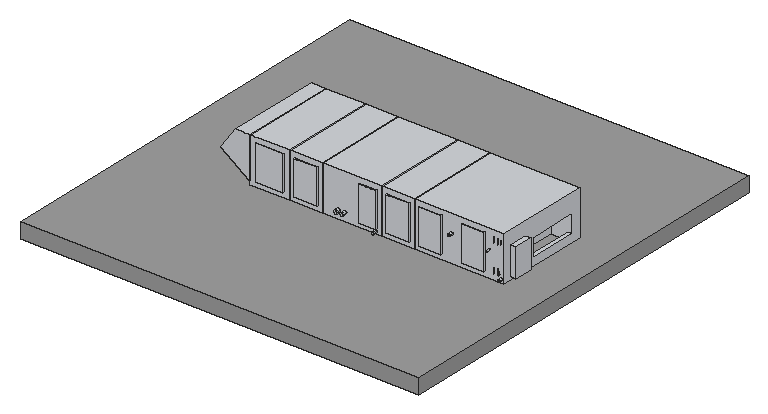
Revit family
Parameters (values of type "8 Row DX-R22")
  Wheel Size [instance] = ""
  Voltage = 480 V
  Unit Weight (lbs) = 3319  # constant formula
  URL = "http://www.appliedair.com"
  Total Static Pressure [instance] = 0.00 in-wg
  Total Heating Capacity [instance] = 0.0 Btu/h
  Total Cooling Capacity [instance] = 0.0 Btu/h
  Temperature Rise [instance] = 0 °F
  Supply Air Pressure Drop [instance] = 0.00 in-wg
  Supply Air Outlet Flow [instance] = 0 CFM
  Supply Air Inlet Flow [instance] = 0 CFM
  Series = "IFL"
  Return Coil Horizontal Offset = 1' - 1"  # constant formula
  Return Air Inlet Flow [instance] = 0 CFM
  Return Air Flow Height = 1' - 8"
  Refrigerant Type = "R22"
  Refrigerant Supply Pressure [instance] = 0.00 psi
  Refrigerant Supply Flow [instance] = 0 GPM
  Refrigerant Return Pressure [instance] = 0.00 psi
  Refrigerant Return Flow [instance] = 0 GPM
  Product URL = "http://www.appliedair.com/ifl.asp"
  Power Vertical Offset = 1' - 2 1/4"
  Power Horizontal Offset = 2' - 6"
  Power Connection Radius = 0' - 0 3/4"
  Phase = 3
  Output Heat [instance] = 0.0 Btu/h
  OmniClass = "23-75 10 24 21 27 17"
  Number of Rows = 8
  Number of Poles = 3
  Nominal Width = 6' - 4"  # constant formula
  Nominal Length = 18' - 11 5/16"  # constant formula
  Nominal Height = 3' - 0"  # constant formula
  Motor Horsepower (HP) [instance] = 0
  Motor Brake Horsepower (BHP) [instance] = 0
  Motor Amps [instance] = 0 A
  Model = "20"
  Minimum Input [instance] = 0.0 Btu/h
  Minimum Air Flow = 1500 CFM
  Maximum Input [instance] = 0.0 Btu/h
  Maximum Air Flow = 5000 CFM
  Manufacturer = "Applied Air"
  M = 3' - 4"  # constant formula
  L = 1' - 2 1/2"  # constant formula
  K = 2' - 4 11/16"  # constant formula
  J = 0' - 6 3/8"  # constant formula
  Heating Leaving Water Temperature [instance] = 0 °F
  Heating Leaving Air Temperature Wet Bulb [instance] = 0 °F
  Heating Leaving Air Temperature Dry Bulb [instance] = 0 °F
  Heating Entering Water Temperature [instance] = 0 °F
  Heating Entering Air Temperature Wet Bulb [instance] = 0 °F
  Heating Entering Air Temperature Dry Bulb [instance] = 0 °F
  Gas Vertical Offset = 1' - 9"  # constant formula
  Gas Horizontal Offset = 0' - 11 1/2"
  Gas Connection Radius = 0' - 0 3/8"  # constant formula
  Condensate Vertical Offset = 0' - 2 3/4"
  Condensate Radius = 0' - 0 3/4"  # constant formula
  Gas Pressure Drop [instance] = 0.00 psi
  Gas Input [instance] = 0.0 Btu/h
  Condensate Drain  Horizontal Offset = 0' - 1 27/32"
  Gas Flow [instance] = 0 GPM
  Condensate Drain Connection Radius = Condensate Radius  # 0' - 0 3/4"
  Furnace Size [instance] = ""
  Frequency = 60 Hz
  Fan Speed (RPM) [instance] = 0
  Face Velocity (FPM) [instance] = 0
  Face Pressure Drop [instance] = 0' - 0"
  Drain Pressure Drop [instance] = 0.00 psi
  Drain Flow [instance] = 0 GPM
  Description = "Dedicated Outside Air Split System"
  Cooling Sensible Capacity [instance] = 0 Btu/h
  Cooling Leaving Air Temperature Wet Bulb [instance] = 0 °F
  Cooling Leaving Air Temperature Dry Bulb [instance] = 0 °F
  Cooling Entering Air Temperature Wet Bulb [instance] = 0 °F
  Cooling Entering Air Temperature Dry Bulb [instance] = 0 °F
  Cooling Coil Radius = 0' 2 1/2" / 2  # 0' - 1 1/4"
  H = 0' - 3 1/16"
  G = 1' - 11 5/16"
  Drain Vertical Offset = 0' - 2"
  Drain Radius = 0' - 1"
  Drain Horizontal Offset = 0' - 5"
  Default Elevation = 4' - 0"
  F = 2' - 2"
  E = 4' - 0"
  D = 5' - 4"
  Combustion Air Flow [instance] = 0 CFM
  Coils Depth = 0' - 3"
  Coil Outlet Vertical Offset = 2' - 5 113/256"  # constant formula
  Coil Face Area = if(Choose Coil Option = 1, 6.00 SF, if(Choose Coil Option = 2, 10.50 SF, 0.00 SF))  # 10.50 SF
  Choose Coil Option = 2
  Coil Inlet Vertical Offsets = 0' - 6 143/256"
  Supply Coil Horizontal Offset = 1' - 6"  # constant formula
  Burner Amps [instance] = 0 A
  B = 6' - 0"
  Assembly Code = "D3030200"
  Apparent Power [instance] = (Motor Amps + Burner Amps) * Voltage * sqrt(3)  # 0 VA
  AHU Material = Galvanized Steel
  24x63 DX Coils = Choose Coil Option = 2  # yes
  24x36 DX Coils = Choose Coil Option = 1  # no
Reference planes (in)
  plane 1 "Center (Front/Back)": y = 0
  plane 2: z = -0.00391
  plane 3 "Center (Left/Right)": x = 0
  plane 4: y = 38
  plane 5: y = -38
  plane 6: x = -24
  plane 7: x = 24
  plane 8: x = 50
  plane 9: z = 35.99609
  plane 10: x = 122
  plane 11: x = -50
  plane 12: x = -82
  plane 13: x = -105.3125
  plane 14: x = -11
  plane 15: x = -6
  plane 16: z = 6.55469
  plane 17: z = 6.55469
  plane 18: y = -41
  plane 19: x = 19
  plane 20: z = 1.99609
  plane 21: x = 80
  plane 22: z = 21.74609
  plane 23: z = 2.74609
  plane 24: x = 120.15625
  plane 25: x = 110.5
  plane 26: z = 20.99609
Forms (in)
  Extrusion 1, solid, material "Default"
    sketch origin (0, 0, 0) x (1, 0, 0) y (0, 1, 0)
      loop
        line (-164.84185, 166) -> (-164.84185, -165.6411) -> (155.35983, -165.6411) -> (155.35983, 166) -> (-164.84185, 166)
    from -0.00391 to -12
  Extrusion 2, solid
    sketch origin (0.62705, 0, 0) x (1, 0, 0) y (0, 0, 1)
      loop
        line (-24.62705, 0) -> (23.37295, 0) -> (23.37295, 35.99609) -> (-24.62705, 35.99609) -> (-24.62705, 0)
    from -38 to 38
  Extrusion 3, solid
    sketch origin (66.62705, 0, 0) x (1, 0, 0) y (0, 0, 1)
      loop
        line (-42.62705, 0) -> (-16.62705, 0) -> (-16.62705, 35.99609) -> (-42.62705, 35.99609) -> (-42.62705, 0)
    from -38 to 38
  Extrusion 4, solid
    sketch origin (120.62705, 0, 0) x (1, 0, 0) y (0, 0, 1)
      loop
        line (-70.62705, 0) -> (1.37295, 0) -> (1.37295, 35.99609) -> (-70.62705, 35.99609) -> (-70.62705, 0)
    from -38 to 38
  Extrusion 5, solid
    sketch origin (-17.37295, 0, 0) x (1, 0, 0) y (0, 0, 1)
      loop
        line (-32.62705, -0.00391) -> (-6.62705, -0.00391) -> (-6.62705, 35.99609) -> (-32.62705, 35.99609) -> (-32.62705, -0.00391)
    from -38 to 38
  Extrusion 6, solid
    sketch origin (-41.37295, 0, 0) x (1, 0, 0) y (0, 0, 1)
      loop
        line (-40.62705, -0.00391) -> (-8.62705, -0.00391) -> (-8.62705, 35.99609) -> (-40.62705, 35.99609) -> (-40.62705, -0.00391)
    from -38 to 38
  Extrusion 7, solid
    sketch origin (0, 0, 0) x (1, 0, 0) y (0, 0, 1)
      loop
        line (-105.3125, 18.99609) -> (-82, 2.99609) -> (-82, 35.99609) -> (-93.64494, 35.99609) -> (-105.3125, 18.99609)
    from -38 to 38
  Extrusion 8, void
    sketch origin (0, 0, 0) x (1, 0, 0) y (0, 1, 0)
      loop
        line (-75, 32) -> (-75, -32) -> (-55, -32) -> (-55, 32) -> (-75, 32)
    from 0 to 31.59567
  Extrusion 9, void
    sketch origin (0, 0, 0) x (0, 1, 0) y (0, 0, 1)
      loop
        line (-32, 9) -> (32, 9) -> (32, 29) -> (-32, 29) -> (-32, 9)
    from -55 to -94.13707
  Extrusion 10, void
    sketch origin (0, 0, 0) x (1, 0, 0) y (0, 1, 0)
      loop
        line (118.9375, -9.3125) -> (118.9375, 30.6875) -> (104.4375, 30.6875) -> (104.4375, -9.3125) -> (118.9375, -9.3125)
    from 0 to 21.23232
  Extrusion 11, void
    sketch origin (0, 0, 0) x (1, 0, 0) y (0, 0, 1)
      loop
        line (122, 6.37109) -> (122, 20.87109) -> (104.4375, 20.87109) -> (104.4375, 6.37109) -> (122, 6.37109)
    from -30.6875 to 9.3125
  Extrusion 12, solid
    sketch origin (0, 0, 0) x (1, 0, 0) y (0, 1, 0)
      loop
        line (122, -17) -> (122, -32) -> (127, -32) -> (127, -17) -> (122, -17)
    from 3.06225 to 25.87762
  Extrusion 13, solid
    sketch origin (0, 0, 0) x (1, 0, 0) y (0, 0, 1)
      loop
        circle (-6, 6.55469) r 1.25
      loop
        circle (-11, 6.55469) r 1.25
      loop
        circle (19, 1.99609) r 1
      loop
        circle (80, 21.74609) r 0.75
      loop
        circle (120.15625, 2.74609) r 0.75
      loop
        circle (110.5, 20.99609) r 0.375
    from 38 to 41
  Extrusion 14, solid
    sketch origin (0, -38, 0) x (1, 0, 0) y (0, 0, 1)
      loop
        line (-55, 31.99609) -> (-77, 31.99609) -> (-77, 3.99609) -> (-55, 3.99609) -> (-55, 31.99609)
      loop
        line (-28, 31.99609) -> (-46, 31.99609) -> (-46, 3.99609) -> (-28, 3.99609) -> (-28, 31.99609)
      loop
        line (20, 31.99609) -> (6, 31.99609) -> (6, 3.99609) -> (20, 3.99609) -> (20, 31.99609)
      loop
        line (46, 31.99609) -> (28, 31.99609) -> (28, 3.99609) -> (46, 3.99609) -> (46, 31.99609)
      loop
        line (72, 31.99609) -> (54, 31.99609) -> (54, 3.99609) -> (72, 3.99609) -> (72, 31.99609)
      loop
        line (107, 31.99609) -> (89, 31.99609) -> (89, 3.99609) -> (107, 3.99609) -> (107, 31.99609)
    from 0 to 1
  Extrusion 15, void
    sketch origin (-0.35783, 0, -2.35783) x (1, 0, 0) y (0, 0, 1)
      loop
        line (114.55215, 32.70523) -> (114.55215, 32.20523) -> (116.80215, 32.20523) -> (116.80215, 32.70523) -> (114.55215, 32.70523)
      loop
        line (117.55215, 32.70523) -> (117.55215, 32.20523) -> (119.80215, 32.20523) -> (119.80215, 32.70523) -> (117.55215, 32.70523)
      loop
        line (114.55215, 33.45523) -> (114.55215, 32.95523) -> (116.80215, 32.95523) -> (116.80215, 33.45523) -> (114.55215, 33.45523)
      loop
        line (117.55215, 33.45523) -> (117.55215, 32.95523) -> (119.80215, 32.95523) -> (119.80215, 33.45523) -> (117.55215, 33.45523)
      loop
        line (114.55215, 31.95523) -> (114.55215, 31.45523) -> (116.80215, 31.45523) -> (116.80215, 31.95523) -> (114.55215, 31.95523)
      loop
        line (117.55215, 31.95523) -> (117.55215, 31.45523) -> (119.80215, 31.45523) -> (119.80215, 31.95523) -> (117.55215, 31.95523)
      loop
        line (114.55215, 31.20523) -> (114.55215, 30.70523) -> (116.80215, 30.70523) -> (116.80215, 31.20523) -> (114.55215, 31.20523)
      loop
        line (117.55215, 31.20523) -> (117.55215, 30.70523) -> (119.80215, 30.70523) -> (119.80215, 31.20523) -> (117.55215, 31.20523)
      loop
        line (114.55215, 30.45523) -> (114.55215, 29.95523) -> (116.80215, 29.95523) -> (116.80215, 30.45523) -> (114.55215, 30.45523)
      loop
        line (117.55215, 30.45523) -> (117.55215, 29.95523) -> (119.80215, 29.95523) -> (119.80215, 30.45523) -> (117.55215, 30.45523)
      loop
        line (114.55215, 29.70523) -> (114.55215, 29.20523) -> (116.80215, 29.20523) -> (116.80215, 29.70523) -> (114.55215, 29.70523)
      loop
        line (117.55215, 29.70523) -> (117.55215, 29.20523) -> (119.80215, 29.20523) -> (119.80215, 29.70523) -> (117.55215, 29.70523)
      loop
        line (114.55215, 7.78696) -> (116.80215, 7.78696) -> (116.80215, 8.28696) -> (114.55215, 8.28696) -> (114.55215, 7.78696)
      loop
        line (117.55215, 7.78696) -> (119.80215, 7.78696) -> (119.80215, 8.28696) -> (117.55215, 8.28696) -> (117.55215, 7.78696)
      loop
        line (114.55215, 7.03696) -> (116.80215, 7.03696) -> (116.80215, 7.53696) -> (114.55215, 7.53696) -> (114.55215, 7.03696)
      loop
        line (117.55215, 7.03696) -> (119.80215, 7.03696) -> (119.80215, 7.53696) -> (117.55215, 7.53696) -> (117.55215, 7.03696)
      loop
        line (114.55215, 8.53696) -> (116.80215, 8.53696) -> (116.80215, 9.03696) -> (114.55215, 9.03696) -> (114.55215, 8.53696)
      loop
        line (117.55215, 8.53696) -> (119.80215, 8.53696) -> (119.80215, 9.03696) -> (117.55215, 9.03696) -> (117.55215, 8.53696)
      loop
        line (114.55215, 9.28696) -> (116.80215, 9.28696) -> (116.80215, 9.78696) -> (114.55215, 9.78696) -> (114.55215, 9.28696)
      loop
        line (117.55215, 9.28696) -> (119.80215, 9.28696) -> (119.80215, 9.78696) -> (117.55215, 9.78696) -> (117.55215, 9.28696)
      loop
        line (114.55215, 10.03696) -> (116.80215, 10.03696) -> (116.80215, 10.53696) -> (114.55215, 10.53696) -> (114.55215, 10.03696)
      loop
        line (117.55215, 10.03696) -> (119.80215, 10.03696) -> (119.80215, 10.53696) -> (117.55215, 10.53696) -> (117.55215, 10.03696)
      loop
        line (114.55215, 10.78696) -> (116.80215, 10.78696) -> (116.80215, 11.28696) -> (114.55215, 11.28696) -> (114.55215, 10.78696)
      loop
        line (117.55215, 10.78696) -> (119.80215, 10.78696) -> (119.80215, 11.28696) -> (117.55215, 11.28696) -> (117.55215, 10.78696)
    from 32 to 38
Cuts and joins
  Extrusion 8, Extrusion 9 cuts Extrusion 6
  Extrusion 9 cuts Extrusion 2
  Extrusion 9 cuts Extrusion 3
  Extrusion 9 cuts Extrusion 7
  Extrusion 10, Extrusion 11, Extrusion 15 cuts Extrusion 4
Dimensions and locks (in)
  "Nominal Width": plane 5 to plane 4
  "E": plane 6 to plane 7
  equal spacing: plane 6, plane 3 "Center (Left/Right)", plane 7
  "Nominal Height": plane 9 to plane 2
  "F": plane 7 to plane 8
  "F": plane 11 to plane 6
  locked: plane 12 to plane 11 at 32
  "B": plane 8 to plane 10
  "G": plane 13 to plane 12
  "D": Extrusion 8 sketch curve to Extrusion 8 sketch curve
  locked: Extrusion 8 sketch curve to Extrusion 8 sketch curve at 20
  locked: Extrusion 9 sketch curve to Extrusion 9 sketch curve at 20
  "D": Extrusion 9 sketch curve to Extrusion 9 sketch curve
  locked: level to Extrusion 9 sketch curve at 9
  "K": plane 5 to Extrusion 10 sketch curve
  "M": Extrusion 10 sketch curve to Extrusion 10 sketch curve
  "H": Extrusion 10 sketch curve to plane 10
  "L": Extrusion 10 sketch curve to Extrusion 10 sketch curve
  "J": Extrusion 11 sketch curve to plane 2
  "L": Extrusion 11 sketch curve to Extrusion 11 sketch curve
  "K": cut or joined group of Extrusion 4, Extrusion 10, Extrusion 11, Extrusion 15 to plane 5
  "M": cut or joined group of Extrusion 4, Extrusion 10, Extrusion 11, Extrusion 15 to cut or joined group of Extrusion 4, Extrusion 10, Extrusion 11, Extrusion 15
  locked: plane 9 to Extrusion 12 at 10.11847
  locked: Extrusion 12 to Extrusion 12 at 22.81538
  locked: Extrusion 12 to plane 2 at 3.06615
  locked: Extrusion 12 to Extrusion 12 at 5
  "Coils Depth": plane 18 to plane 5
  "Coil Inlet Vertical Offsets": plane 16 to plane 2
  "Coil Outlet Vertical Offset": plane 9 to plane 17
  "Return Coil Horizontal Offset": plane 6 to plane 14
  "Supply Coil Horizontal Offset": plane 6 to plane 15
  "Drain Vertical Offset": plane 20 to plane 2
  "Drain Horizontal Offset": plane 19 to plane 7
  locked: plane 12 to Extrusion 14 sketch curve at 5
  locked: Extrusion 14 sketch curve to plane 11 at 5
  locked: plane 9 to Extrusion 14 sketch curve at 4  (x6)
  locked: Extrusion 14 sketch curve to plane 2 at 4  (x6)
  locked: plane 11 to Extrusion 14 sketch curve at 4
  locked: Extrusion 14 sketch curve to plane 6 at 4
  locked: plane 6 to Extrusion 14 sketch curve at 30
  locked: Extrusion 14 sketch curve to plane 7 at 4
  locked: plane 7 to Extrusion 14 sketch curve at 4
  locked: Extrusion 14 sketch curve to plane 8 at 4
  locked: plane 8 to Extrusion 14 sketch curve at 4
  locked: Extrusion 14 sketch curve to Extrusion 14 sketch curve at 17
  locked: Extrusion 14 sketch curve to plane 10 at 15
  "Power Vertical Offset": plane 9 to plane 22
  "Power Horizontal Offset": plane 8 to plane 21
  locked: Extrusion 14 to plane 5 at 1
  "Condensate Vertical Offset": plane 23 to plane 2
  plane 13 to plane 10 = 18' - 11 5/16"
  "Condensate Drain  Horizontal Offset": plane 24 to plane 10
  "Gas Vertical Offset": plane 26 to plane 2
  "Gas Horizontal Offset": plane 25 to plane 10
  locked: Extrusion 13 sketch curve to plane 14 at 0
  locked: Extrusion 13 sketch curve to plane 15 at 0
  locked: Extrusion 13 sketch curve to plane 19 at 0
  locked: Extrusion 13 sketch curve to plane 21 at 0
  locked: Extrusion 13 sketch curve to plane 25 at 0
  locked: Extrusion 13 sketch curve to plane 23 at 0
  locked: Extrusion 13 sketch curve to plane 24 at 0
  locked: Extrusion 13 sketch curve to plane 20 at 0
  locked: Extrusion 13 sketch curve to plane 16 at 0
  locked: Extrusion 13 sketch curve to plane 26 at 0
  locked: Extrusion 13 sketch curve to plane 22 at 0
  locked: Extrusion 13 sketch curve to plane 17 at 0
  "Cooling Coil Radius": radius of Extrusion 13 sketch curve  (x2)
  "Drain Radius": radius of Extrusion 13 sketch curve
  "Power Connection Radius": radius of Extrusion 13 sketch curve
  "Condensate Drain Connection Radius": radius of Extrusion 13 sketch curve
  "Gas Connection Radius": radius of Extrusion 13 sketch curve
  aligned and locked: plane 2 to Extrusion 1
  aligned and locked: Extrusion 2 to plane 4
  aligned and locked: plane 5 to Extrusion 2
  aligned and locked: plane 6 to Extrusion 2
  aligned and locked: plane 7 to Extrusion 2
  aligned and locked: plane 7 to Extrusion 3
  aligned and locked: Extrusion 3 to plane 8
  aligned and locked: plane 9 to Extrusion 2
  aligned and locked: Extrusion 3 to Extrusion 2
  aligned and locked: plane 5 to Extrusion 3
  aligned and locked: Extrusion 3 to plane 4
  aligned and locked: Extrusion 4 to plane 9
  aligned and locked: plane 8 to Extrusion 4
  aligned and locked: Extrusion 4 to plane 10
  aligned and locked: plane 5 to Extrusion 4
  aligned and locked: Extrusion 4 to plane 4
  aligned and locked: Extrusion 5 to plane 6
  aligned and locked: plane 11 to Extrusion 5
  aligned and locked: Extrusion 5 to plane 9
  aligned and locked: Extrusion 5 to plane 2
  aligned and locked: Extrusion 5 to plane 4
  aligned and locked: plane 5 to Extrusion 5
  aligned and locked: plane 5 to Extrusion 6
  aligned and locked: Extrusion 6 to plane 4
  aligned and locked: plane 12 to Extrusion 6
  aligned and locked: Extrusion 6 to plane 11
  aligned and locked: Extrusion 6 to plane 9
  aligned and locked: Extrusion 6 to plane 2
  aligned and locked: Extrusion 7 to plane 9
  aligned and locked: plane 13 to Extrusion 7
  aligned and locked: Extrusion 7 to plane 12
  aligned and locked: Extrusion 7 to plane 4
  aligned and locked: plane 5 to Extrusion 7
  aligned and locked: cut or joined group of Extrusion 6, Extrusion 8, Extrusion 9 to Extrusion 9 sketch curve
  aligned and locked: cut or joined group of Extrusion 6, Extrusion 8, Extrusion 9 to Extrusion 9
  aligned and locked: Extrusion 10 to level
  aligned and locked: cut or joined group of Extrusion 4, Extrusion 10, Extrusion 11, Extrusion 15 to Extrusion 11 sketch curve
  aligned and locked: plane 10 to Extrusion 11 sketch curve
  aligned and locked: plane 10 to Extrusion 12
  aligned and locked: plane 5 to Extrusion 13
  aligned and locked: plane 18 to Extrusion 13
  aligned and locked: Extrusion 14 to plane 5
  aligned and locked: cut or joined group of Extrusion 4, Extrusion 10, Extrusion 11, Extrusion 15 to plane 5
Automatic sketch dimensions
  Extrusion 1 sketch curve to Extrusion 1 sketch curve = 26' - 8.20168"
  Extrusion 1 sketch curve to Extrusion 1 sketch curve = 27' - 7.6411"
  Extrusion 2 sketch curve to level = 0' - 0"
  Extrusion 2 sketch curve to plane 6 = 0' - 0"
  Extrusion 2 sketch curve to plane 7 = 0' - 0"
  Extrusion 2 sketch curve to plane 9 = 0' - 0"
  Extrusion 3 sketch curve to level = 0' - 0"
  Extrusion 3 sketch curve to plane 7 = 0' - 0"
  Extrusion 3 sketch curve to plane 8 = 0' - 0"
  Extrusion 3 sketch curve to plane 9 = 0' - 0"
  Extrusion 4 sketch curve to level = 0' - 0"
  Extrusion 4 sketch curve to plane 8 = 0' - 0"
  Extrusion 4 sketch curve to plane 9 = 0' - 0"
  Extrusion 4 sketch curve to plane 10 = 0' - 0"
  Extrusion 5 sketch curve to plane 2 = 0' - 0"
  Extrusion 5 sketch curve to plane 11 = 0' - 0"
  Extrusion 5 sketch curve to plane 6 = 0' - 0"
  Extrusion 5 sketch curve to plane 9 = 0' - 0"
  Extrusion 6 sketch curve to plane 2 = 0' - 0"
  Extrusion 6 sketch curve to plane 12 = 0' - 0"
  Extrusion 6 sketch curve to plane 9 = 0' - 0"
  Extrusion 6 sketch curve to plane 11 = 0' - 0"
  Extrusion 7 sketch curve to plane 13 = 0' - 0"
  Extrusion 7 sketch curve to plane 9 = 0' - 0"
  Extrusion 7 sketch curve to plane 12 = 0' - 0"
  plane 12 to Extrusion 7 sketch curve = 0' - 11.64494"
  Extrusion 8 sketch curve to plane 12 = 0' - 7"
  Extrusion 8 sketch curve to plane 5 = 0' - 6"
  Extrusion 12 sketch curve to plane 10 = 0' - 0"
  Extrusion 12 sketch curve to plane 10 = 0' - 5"
  Extrusion 12 sketch curve to plane 5 = 0' - 6"
  Extrusion 12 sketch curve to Extrusion 12 sketch curve = 1' - 3"
  Extrusion 14 sketch curve to Extrusion 14 sketch curve = 1' - 6"
  Extrusion 15 sketch curve to Extrusion 15 sketch curve = 0' - 0"  (x41)
  Extrusion 15 sketch curve to Extrusion 15 sketch curve = 0' - 0 1/2"  (x23)
  Extrusion 15 sketch curve to Extrusion 15 sketch curve = 0' - 0 1/4"  (x20)
  plane 26 to Extrusion 7 sketch curve = 0' - 2"
  Extrusion 15 sketch curve to Extrusion 15 sketch curve = 0' - 2 1/4"  (x5)
  Extrusion 15 sketch curve to Extrusion 15 sketch curve = 0' - 0 3/4"  (x4)
  plane 9 to Extrusion 15 sketch curve = 2' - 7.31696"
  Extrusion 15 sketch curve to Extrusion 15 sketch curve = 1' - 5.91827"
  plane 10 to Extrusion 15 sketch curve = 0' - 7.80568"
Connectors (in)
  hvac at (-93.65625, 0, 10.99609), driven by "D", driven by "Return Air Flow Height", driven by "Supply Air Inlet Flow"
    settings: on cut or joined group of Extrusion 7, Extrusion 9, index 1
  hvac at (-65, 0, -0.00391), driven by "D", driven by "Return Air Flow Height", driven by "Return Air Inlet Flow"
    settings: on cut or joined group of Extrusion 6, Extrusion 8, Extrusion 9, index 2
  hvac at (111.6875, 10.6875, 0), driven by "M", driven by "L", driven by "Supply Air Outlet Flow"
    settings: on cut or joined group of Extrusion 4, Extrusion 10, Extrusion 11, Extrusion 15, index 3
  hvac at (122, 10.6875, 13.62109), driven by "M", driven by "L", driven by "Supply Air Outlet Flow"
    settings: on cut or joined group of Extrusion 4, Extrusion 10, Extrusion 11, Extrusion 15, index 4
  piping at (-11, -41, 6.55469), driven by "Cooling Coil Radius", driven by "Refrigerant Return Flow", driven by "Refrigerant Return Pressure"
    settings: on Extrusion 13, index 5
  piping at (-6, -41, 6.55469), driven by "Cooling Coil Radius", driven by "Refrigerant Supply Flow", driven by "Refrigerant Supply Pressure"
    settings: on Extrusion 13, index 6
  piping at (19, -41, 1.99609), driven by "Drain Radius", driven by "Drain Flow"
    settings: on Extrusion 13, index 7
  electrical at (80, -41, 21.74609), driven by "Number of Poles", driven by "Apparent Power", driven by "Voltage"
    settings: on Extrusion 13, index 8
  piping at (120.15625, -41, 2.74609), driven by "Condensate Radius", driven by "Drain Flow", driven by "Gas Pressure Drop"
    settings: on Extrusion 13, index 9
  piping at (110.5, -41, 20.99609), driven by "Gas Connection Radius", driven by "Gas Flow"
    settings: on Extrusion 13, index 10
